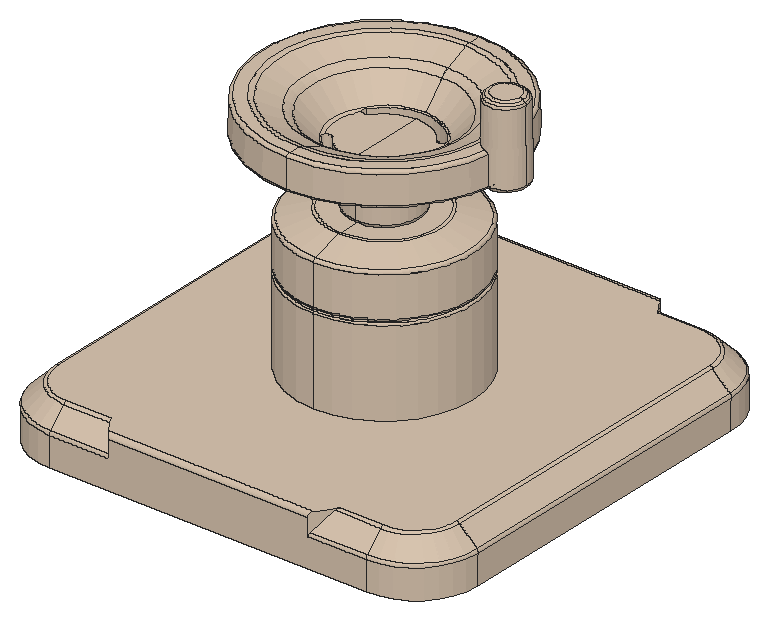
Revit family "Shower-Valve_Trim-KALLISTA-Vice-P34888", category Specialty Equipment, host Face, Revit 2021
Family settings
  Host = Face
  Round Connector Dimension = Use Diameter
  Part Type = Normal
  OmniClass Number = 23.31.25.00
  OmniClass Title = Toilet and Bath Specialties
  Cut with Voids When Loaded = No
  Shared = No
  Room Calculation Point = No
Parameters (values of type "AF-French Gold")
  Width = 5.31496"  # constant formula
  WaterSense Certified = 1 = 0  # no
  URL = "https://www.kallista.com/"
  Type = 1
  Product Page URL = ""
  Product Name = "Vice"  # constant formula
  Product Documentation Link = ""
  Model = if(Type = 1, "P34888-00-AF", if(Type = 2, "P34888-00-BGP", if(Type = 3, "P34888-00-CP", if(Type = 4, "P34888-00-SN", "NA"))))  # "P34888-00-AF"
  Material = "Premium Metal Construction"  # constant formula
  Master Format 2014 Name = "Toilet, Bath, and Laundry Accessories"  # constant formula
  Master Format 2014 = "10 28 00"  # constant formula
  Manufacturer Address = "444 Highland Dr, Kohler, WI 53044"  # constant formula
  Manufacturer = "Kallista Co."  # constant formula
  Length = 4.08661"  # constant formula
  Height = 5.31496"  # constant formula
  Handle Clearance = 3.20185"  # constant formula
  Finish = Kallista-Metal-AF-French_Gold
  Environmental Product Declaration = ""
  Drain Included = 1 = 0  # no
  Description = "Thermostatic Rim Wheel"  # constant formula
  Default Elevation = 42"
  Declare Label = ""
  Date Modified = "05/26/2024"  # constant formula
  Date Created = "05/26/2024"  # constant formula
  Copyright = "Copyright Kallista Co."  # constant formula
  Contact Us = "https://www.kallista.com/corporate/contact-us/"
  Assembly Code = "C1030200"
  ADA Compliant = 1 = 0  # no
Types (5): name | Type | Model | Finish | Assembly Code
  (no name) | 1 | "P34888-00-AF" | Kallista-Metal-AF-French_Gold | "C1030200"
  AF-French Gold | 1 | "P34888-00-AF" | Kallista-Metal-AF-French_Gold | "C1030200"
  BGP | 2 | "P34888-00-BGP" | Kallista-Metal-BGP | "D2010700"
  CP-Chrome | 3 | "P34888-00-CP" | Kallista-Metal-CP-Chrome | "D2010700"
  SN-Polished Nickel | 4 | "P34888-00-SN" | Kallista-Metal-SN-Polished_Nickel | "D2010700"
Reference planes (in)
  plane 1 "Center (Front/Back)": y = 0
  plane 2: z = 0
  plane 3 "Center (Left/Right)": x = 0
  plane 4: y = 2.6574803
  plane 5: y = -2.6574803
  plane 6: x = -2.6574803
  plane 7: x = 2.6574803
  plane 8: x = 1.0629921
  plane 9: x = -1.0629921
  plane 10: y = 1.0629921
  plane 11: y = -1.0629921
  plane 12: z = 4.0866142
  plane 13: z = 0.6102362
  plane 14: y = 1.475884
  plane 15: y = -1.4758876
  plane 16: x = 1.7259843
  plane 17: x = -1.4758661
Dimensions and locks (in)
  "Width": plane 6 to plane 7
  "Height": plane 4 to plane 5
  plane 9 to plane 8 = 2.12598"
  level to plane 13 = 0.61024"
  "Length": level to plane 12
  "Handle Clearance": plane 16 to plane 17
  aligned and locked: plane 2 to host face
  aligned and locked: level to host face
  aligned and locked: plane 1 "Center (Front/Back)" to nested 1
  aligned and locked: plane 3 "Center (Left/Right)" to nested 1
Automatic sketch dimensions
  host sketch curve to host sketch curve = 96"  (x2)
Nested families (in)
  nested 1: "P34888" at (0, 0, 0), type "P34888"
Definition of nested family "P34888"
  Parameters
    Material = none
    Default Elevation = 0"
  Reference planes (in)
    plane 1 "Center (Front/Back)": y = 0
    plane 2: z = 0
    plane 3 "Center (Left/Right)": x = 0
    plane 4: x = -2.6574803
    plane 5: x = 2.6574803
    plane 6: y = -2.6574803
    plane 7: y = 2.6574803
    plane 8: z = 0.6102362
    plane 9: y = -1.0629921
    plane 10: y = 1.0629921
    plane 11: z = 4.0866142
    plane 12: x = 1.0629921
    plane 13: x = -1.0629921
    plane 14: y = 1.475884
    plane 15: y = -1.475884
    plane 16: x = 1.7259848
    plane 17: x = -1.475868
  Forms (in)
    Sweep 1, solid, material <- "Material"
      path origin (0, 0, 0) x (1, 0, 0) y (0, 1, 0)
        loop
          line (1.9094488, 2.6574803) -> (-1.9094488, 2.6574803)
          arc (-1.9094488, 2.6574803) -> (-2.438387, 2.438387) -> (-2.6574803, 1.9094488) r 0.7480315
          line (-2.6574803, 1.9094488) -> (-2.6574803, -1.9094488)
          arc (-2.6574803, -1.9094488) -> (-2.438387, -2.438387) -> (-1.9094488, -2.6574803) r 0.7480315
          line (-1.9094488, -2.6574803) -> (1.9094488, -2.6574803)
          arc (1.9094488, -2.6574803) -> (2.438387, -2.438387) -> (2.6574803, -1.9094488) r 0.7480315
          line (2.6574803, -1.9094488) -> (2.6574803, 1.9094488)
          arc (2.6574803, 1.9094488) -> (2.438387, 2.438387) -> (1.9094488, 2.6574803) r 0.7480315
      profile origin (2.6574803, 0, 0) x (1, 0, 0) y (0, 0, 1)
        loop
          arc (0, 0.3517833) -> (-0.0043223, 0.3735131) -> (-0.0166313, 0.3919347) r 0.0567827
          line (-0.0166313, 0.3919347) -> (-0.2177223, 0.5930257)
          arc (-0.2177223, 0.5930257) -> (-0.2367855, 0.6057634) -> (-0.2592721, 0.6102362) r 0.0587602
          line (-0.2592721, 0.6102362) -> (-0.3461826, 0.6102362) -> (-0.3461826, 0) -> (0, 0) -> (0, 0.3517833)
    Extrusion 2, solid, material <- "Material"
      sketch origin (0, 0, 0) x (1, 0, 0) y (0, 1, 0)
        loop
          line (-2.3112977, 1.9094488) -> (-2.3112977, -1.9094488)
          arc (-2.3112977, -1.9094488) -> (-2.1935989, -2.1935989) -> (-1.9094488, -2.3112977) r 0.4018489
          line (-1.9094488, -2.3112977) -> (1.9094488, -2.3112977)
          arc (1.9094488, -2.3112977) -> (2.1935989, -2.1935989) -> (2.3112977, -1.9094488) r 0.4018489
          line (2.3112977, -1.9094488) -> (2.3112977, 1.9094488)
          arc (2.3112977, 1.9094488) -> (2.1935989, 2.1935989) -> (1.9094488, 2.3112977) r 0.4018489
          line (1.9094488, 2.3112977) -> (-1.9094488, 2.3112977)
          arc (-1.9094488, 2.3112977) -> (-2.1935989, 2.1935989) -> (-2.3112977, 1.9094488) r 0.4018489
      from 0 to 0.6102362
    Extrusion 3, solid, material <- "Material"
      sketch origin (0, 0, 0) x (0, 1, 0) y (0, 0, 1)
        loop
          arc (2.6574803, 0.5511811) -> (2.6401835, 0.5929394) -> (2.5984252, 0.6102362) r 0.0590551
          line (2.5984252, 0.6102362) -> (2.3245848, 0.6102362) -> (2.6574803, 0.2773407) -> (2.6574803, 0.5511811)
        loop
          line (-2.6574803, 0.5511811) -> (-2.6574803, 0.2773407) -> (-2.3245848, 0.6102362) -> (-2.5984252, 0.6102362)
          arc (-2.5984252, 0.6102362) -> (-2.6401835, 0.5929394) -> (-2.6574803, 0.5511811) r 0.0590551
      from -1.4734069 to 1.4731568
    Revolve 4, solid, material <- "Material", detail levels coarse
      sketch origin (0, 0, 0) x (0, 1, 0) y (0, 0, 1)
        loop
          line (1.0629921, 0.6102362) -> (1.0629921, 2.3359599) -> (0.4798596, 2.3359599) -> (0.4798596, 2.8596706) -> (0.6278741, 2.8596706) -> (1.1117797, 3.3477984)
          arc (1.1117797, 3.3477984) -> (1.1465652, 3.3712056) -> (1.1876784, 3.37943) r 0.1068739
          line (1.1876784, 3.37943) -> (1.2355474, 3.37943)
          arc (1.2355474, 3.37943) -> (1.2912251, 3.3563675) -> (1.3142875, 3.3006898) r 0.0787402
          line (1.3142875, 3.3006898) -> (1.3142875, 3.1725822)
          arc (1.3142875, 3.1725822) -> (1.322936, 3.1517031) -> (1.3438151, 3.1430547) r 0.0295276
          line (1.3438151, 3.1430547) -> (1.4751887, 3.1430547) -> (1.4751887, 3.5359157) -> (1.2885803, 3.5359157)
          arc (1.2885803, 3.5359157) -> (1.2578356, 3.5328199) -> (1.2283253, 3.5236567) r 0.1542109
          line (1.2283253, 3.5236567) -> (0.960066, 3.4097874)
          arc (0.960066, 3.4097874) -> (0.9100382, 3.3820565) -> (0.8668692, 3.3445303) r 0.2736072
          line (0.8668692, 3.3445303) -> (0.6017569, 3.0602322) -> (0, 3.0602322) -> (0, 0.6102362) -> (1.0629921, 0.6102362)
        axis (0, 3.5359157) -> (0, 0.6102362)
      angle from 0 to 360
    Revolve 5, solid, material <- "Material", detail levels medium+fine
      sketch origin (0, 0, 0) x (0, 1, 0) y (0, 0, 1)
        loop
          line (1.0629921, 0.6102362) -> (1.0629921, 1.6359895)
          arc (1.0629921, 1.6359895) -> (1.0572265, 1.6499089) -> (1.0433071, 1.6556745) r 0.019685
          line (1.0433071, 1.6556745) -> (0.7780673, 1.6556745)
          arc (0.7780673, 1.6556745) -> (0.7454984, 1.6635268) -> (0.7200862, 1.6853583) r 0.071469
          line (0.7200862, 1.6853583) -> (1.0433071, 1.6853583)
          arc (1.0433071, 1.6853583) -> (1.0572265, 1.6911239) -> (1.0629921, 1.7050433) r 0.019685
          line (1.0629921, 1.7050433) -> (1.0629921, 2.1887982)
          arc (1.0629921, 2.1887982) -> (1.0551981, 2.2123133) -> (1.0349019, 2.2265178) r 0.0393701
          line (1.0349019, 2.2265178) -> (0.6852022, 2.3310934)
          arc (0.6852022, 2.3310934) -> (0.6687497, 2.3347368) -> (0.651943, 2.3359599) r 0.1160851
          line (0.651943, 2.3359599) -> (0.3971451, 2.3359599)
          arc (0.3971451, 2.3359599) -> (0.4168335, 2.3454618) -> (0.4250518, 2.3657196) r 0.0303936
          line (0.4250518, 2.3657196) -> (0.4311055, 2.7112765)
          arc (0.4311055, 2.7112765) -> (0.4351506, 2.7392769) -> (0.4460474, 2.7653853) r 0.1126025
          arc (0.4460474, 2.7653853) -> (0.4529123, 2.7820383) -> (0.4552533, 2.7998979) r 0.069296
          line (0.4552533, 2.7998979) -> (0.4552533, 2.8596706) -> (0.6104282, 2.8596706)
          arc (0.6104282, 2.8596706) -> (0.6265316, 2.862892) -> (0.6401565, 2.8720602) r 0.0418608
          line (0.6401565, 2.8720602) -> (1.1117797, 3.3477984)
          arc (1.1117797, 3.3477984) -> (1.1465652, 3.3712056) -> (1.1876784, 3.37943) r 0.1068739
          line (1.1876784, 3.37943) -> (1.2355474, 3.37943)
          arc (1.2355474, 3.37943) -> (1.2912251, 3.3563675) -> (1.3142875, 3.3006898) r 0.0787402
          line (1.3142875, 3.3006898) -> (1.3142875, 3.1725822)
          arc (1.3142875, 3.1725822) -> (1.322936, 3.1517031) -> (1.3438151, 3.1430547) r 0.0295276
          line (1.3438151, 3.1430547) -> (1.4555061, 3.1430547)
          arc (1.4555061, 3.1430547) -> (1.4695352, 3.1489308) -> (1.4751887, 3.163051) r 0.019685
          line (1.4751887, 3.163051) -> (1.4699042, 3.4971682)
          arc (1.4699042, 3.4971682) -> (1.4581569, 3.5246037) -> (1.4305391, 3.5359157) r 0.0393701
          line (1.4305391, 3.5359157) -> (1.2885803, 3.5359157)
          arc (1.2885803, 3.5359157) -> (1.2578356, 3.5328199) -> (1.2283253, 3.5236567) r 0.1542109
          line (1.2283253, 3.5236567) -> (0.960066, 3.4097874)
          arc (0.960066, 3.4097874) -> (0.9100382, 3.3820565) -> (0.8668692, 3.3445303) r 0.2736072
          line (0.8668692, 3.3445303) -> (0.6186028, 3.0782971)
          arc (0.6186028, 3.0782971) -> (0.5997083, 3.0649438) -> (0.5770563, 3.0602322) r 0.0568077
          line (0.5770563, 3.0602322) -> (0, 3.0602322) -> (0, 0.6102362) -> (1.0629921, 0.6102362)
        axis (0, 3.5359157) -> (0, 0.6102362)
      angle from 0 to 360
    Extrusion 6, void
      sketch origin (0, 0, 0) x (1, 0, 0) y (0, 1, 0)
        loop
          arc (0.4953024, -0.3400912) -> (0.4804982, -0.2627709) -> (0.4030379, -0.2768244) r 0.0559388
          arc (0.4030379, -0.2768244) -> (-0.0004237, -0.4873497) -> (-0.4046585, -0.2783126) r 0.4936139
          arc (-0.4046585, -0.2783126) -> (-0.4801449, -0.2648354) -> (-0.4944872, -0.3401623) r 0.0545347
          arc (-0.4944872, -0.3401623) -> (0.0004266, -0.6038926) -> (0.4953024, -0.3400912) r 0.59616
        loop
          arc (0.4953024, 0.3384425) -> (0.0004266, 0.6022439) -> (-0.4944872, 0.3385136) r 0.59616
          arc (-0.4944872, 0.3385136) -> (-0.4801449, 0.2631867) -> (-0.4046585, 0.2766639) r 0.0545347
          arc (-0.4046585, 0.2766639) -> (-0.0004237, 0.485701) -> (0.4030379, 0.2751757) r 0.4936139
          arc (0.4030379, 0.2751757) -> (0.4804982, 0.2611222) -> (0.4953024, 0.3384425) r 0.0559388
      from 2.7843071 to 4.5713426
    Extrusion 7, solid, material <- "Material", detail levels coarse
      sketch origin (0.0006104, -0.0009817, 0) x (1, 0, 0) y (0, 1, 0)
        loop
          circle (1.4728493, -0.0020668) r 0.253022
      from 3.1430547 to 4.0866142
    Sweep 8, solid, material <- "Material", detail levels medium+fine
      path origin (-0.0001498, 0.0005636, 0) x (1, 0, 0) y (0, 1, 0)
        loop
          circle (1.4728493, -0.0020668) r 0.253022
      profile origin (1.7257216, -0.0015032, 0) x (1, 0, 0) y (0, 0, 1)
        loop
          line (0.0000025, 3.1630833) -> (-0.0149886, 4.0219257)
          arc (-0.0149886, 4.0219257) -> (-0.018295, 4.0370451) -> (-0.0271736, 4.0497219) r 0.0393701
          line (-0.0271736, 4.0497219) -> (-0.0505771, 4.0720538)
          arc (-0.0505771, 4.0720538) -> (-0.0673484, 4.0828387) -> (-0.0869275, 4.0866142) r 0.052655
          line (-0.0869275, 4.0866142) -> (-0.1266959, 4.0866142) -> (-0.1266959, 3.1430547) -> (-0.0196795, 3.1430547)
          arc (-0.0196795, 3.1430547) -> (-0.0056391, 3.1489423) -> (0.0000025, 3.1630833) r 0.019685
    Extrusion 9, solid, material <- "Material", detail levels medium+fine
      sketch origin (-0.0001498, 0.0005636, 0) x (1, 0, 0) y (0, 1, 0)
        loop
          circle (1.4728493, -0.0020668) r 0.1263261
      from 3.1430547 to 4.0866142
    Extrusion 10, void
      sketch origin (0, 0, 0) x (1, 0, 0) y (0, 1, 0)
        loop
          line (-1.7026698, -1.9363436) -> (-1.7026698, -2.8543419) -> (-1.0598804, -2.8543419) -> (-1.7026698, -1.9363436)
        loop
          line (1.7026698, -1.9363436) -> (1.0598804, -2.8543419) -> (1.7026698, -2.8543419) -> (1.7026698, -1.9363436)
        loop
          line (-1.7026698, 1.9363436) -> (-1.0598804, 2.8543419) -> (-1.7026698, 2.8543419) -> (-1.7026698, 1.9363436)
        loop
          line (1.7026698, 1.9363436) -> (1.7026698, 2.8543419) -> (1.0598804, 2.8543419) -> (1.7026698, 1.9363436)
      from -0.2608557 to 1.6853583
  Cuts and joins
    Extrusion 10 cuts Extrusion 3
    joined: Sweep 1, Extrusion 2, Extrusion 3
    Extrusion 6 cuts Revolve 5
    joined: Sweep 8, Extrusion 9
  Lines and regions (in)
    Masking region 1
      outline origin (0, 0, 0) x (0, 1, 0) y (0, 0, 1)
        loop
          line (2.6574803, 0) -> (2.6574803, 0.5511811)
          arc (2.6574803, 0.5511811) -> (2.6401835, 0.5929394) -> (2.5984252, 0.6102362) r 0.0590551
          line (2.5984252, 0.6102362) -> (1.0629921, 0.6102362) -> (1.0629921, 1.6359895)
          arc (1.0629921, 1.6359895) -> (1.0572265, 1.6499089) -> (1.0433071, 1.6556745) r 0.019685
          line (1.0433071, 1.6556745) -> (0.7780673, 1.6556745)
          arc (0.7780673, 1.6556745) -> (0.7454984, 1.6635268) -> (0.7200862, 1.6853583) r 0.071469
          line (0.7200862, 1.6853583) -> (1.0433071, 1.6853583)
          arc (1.0433071, 1.6853583) -> (1.0572265, 1.6911239) -> (1.0629921, 1.7050433) r 0.019685
          line (1.0629921, 1.7050433) -> (1.0629921, 2.1887982)
          arc (1.0629921, 2.1887982) -> (1.0551981, 2.2123133) -> (1.0349019, 2.2265178) r 0.0393701
          line (1.0349019, 2.2265178) -> (0.6852022, 2.3310934)
          arc (0.6852022, 2.3310934) -> (0.6687497, 2.3347368) -> (0.651943, 2.3359599) r 0.1160851
          line (0.651943, 2.3359599) -> (0.4324844, 2.3359599)
          arc (0.4324844, 2.3359599) -> (0.4511763, 2.34586) -> (0.4588826, 2.365558) r 0.0303936
          line (0.4588826, 2.365558) -> (0.4649391, 2.7112765)
          arc (0.4649391, 2.7112765) -> (0.4689843, 2.7392769) -> (0.479881, 2.7653853) r 0.1126025
          arc (0.479881, 2.7653853) -> (0.4867459, 2.7820383) -> (0.489087, 2.7998979) r 0.069296
          line (0.489087, 2.7998979) -> (0.489087, 2.8596706) -> (0.6104282, 2.8596706)
          arc (0.6104282, 2.8596706) -> (0.6265316, 2.862892) -> (0.6401565, 2.8720602) r 0.0418608
          line (0.6401565, 2.8720602) -> (0.9088069, 3.1430547) -> (1.456202, 3.1430547)
          arc (1.456202, 3.1430547) -> (1.4702424, 3.1489423) -> (1.475884, 3.1630833) r 0.019685
          line (1.475884, 3.1630833) -> (1.4700354, 3.4981521)
          arc (1.4700354, 3.4981521) -> (1.4582662, 3.5255457) -> (1.4306713, 3.5368351) r 0.0393701
          line (1.4306713, 3.5368351) -> (0.2878907, 3.5368351)
          arc (0.2878907, 3.5368351) -> (0.2616274, 3.5439362) -> (0.2425211, 3.5633047) r 0.0521171
          line (0.2425211, 3.5633047) -> (0.2345492, 4.0200135)
          arc (0.2345492, 4.0200135) -> (0.2309147, 4.0367455) -> (0.2211512, 4.0508113) r 0.0438627
          line (0.2211512, 4.0508113) -> (0.1962985, 4.0747937)
          arc (0.1962985, 4.0747937) -> (0.1828107, 4.0835475) -> (0.1670264, 4.0866142) r 0.0421549
          line (0.1670264, 4.0866142) -> (0, 4.0866142) -> (-0.1670264, 4.0866142)
          arc (-0.1670264, 4.0866142) -> (-0.1828107, 4.0835475) -> (-0.1962985, 4.0747937) r 0.0421549
          line (-0.1962985, 4.0747937) -> (-0.2211512, 4.0508113)
          arc (-0.2211512, 4.0508113) -> (-0.2309147, 4.0367455) -> (-0.2345492, 4.0200135) r 0.0438627
          line (-0.2345492, 4.0200135) -> (-0.2425211, 3.5633047)
          arc (-0.2425211, 3.5633047) -> (-0.2616274, 3.5439362) -> (-0.2878907, 3.5368351) r 0.0521171
          line (-0.2878907, 3.5368351) -> (-1.4306713, 3.5368351)
          arc (-1.4306713, 3.5368351) -> (-1.4582662, 3.5255457) -> (-1.4700354, 3.4981521) r 0.0393701
          line (-1.4700354, 3.4981521) -> (-1.475884, 3.1630833)
          arc (-1.475884, 3.1630833) -> (-1.4702424, 3.1489423) -> (-1.456202, 3.1430547) r 0.019685
          line (-1.456202, 3.1430547) -> (-0.9088069, 3.1430547) -> (-0.6401565, 2.8720602)
          arc (-0.6401565, 2.8720602) -> (-0.6265316, 2.862892) -> (-0.6104282, 2.8596706) r 0.0418608
          line (-0.6104282, 2.8596706) -> (-0.489087, 2.8596706) -> (-0.489087, 2.7998979)
          arc (-0.489087, 2.7998979) -> (-0.4867459, 2.7820383) -> (-0.479881, 2.7653853) r 0.069296
          arc (-0.479881, 2.7653853) -> (-0.4689843, 2.7392769) -> (-0.4649391, 2.7112765) r 0.1126025
          line (-0.4649391, 2.7112765) -> (-0.4588826, 2.365558)
          arc (-0.4588826, 2.365558) -> (-0.4511763, 2.34586) -> (-0.4324844, 2.3359599) r 0.0303936
          line (-0.4324844, 2.3359599) -> (-0.651943, 2.3359599)
          arc (-0.651943, 2.3359599) -> (-0.6687497, 2.3347368) -> (-0.6852022, 2.3310934) r 0.1160851
          line (-0.6852022, 2.3310934) -> (-1.0349019, 2.2265178)
          arc (-1.0349019, 2.2265178) -> (-1.0551981, 2.2123133) -> (-1.0629921, 2.1887982) r 0.0393701
          line (-1.0629921, 2.1887982) -> (-1.0629921, 1.7050433)
          arc (-1.0629921, 1.7050433) -> (-1.0572265, 1.6911239) -> (-1.0433071, 1.6853583) r 0.019685
          line (-1.0433071, 1.6853583) -> (-0.7200862, 1.6853583)
          arc (-0.7200862, 1.6853583) -> (-0.7454984, 1.6635268) -> (-0.7780673, 1.6556745) r 0.071469
          line (-0.7780673, 1.6556745) -> (-1.0433071, 1.6556745)
          arc (-1.0433071, 1.6556745) -> (-1.0572265, 1.6499089) -> (-1.0629921, 1.6359895) r 0.019685
          line (-1.0629921, 1.6359895) -> (-1.0629921, 0.6102362) -> (-2.5984252, 0.6102362)
          arc (-2.5984252, 0.6102362) -> (-2.6401835, 0.5929394) -> (-2.6574803, 0.5511811) r 0.0590551
          line (-2.6574803, 0.5511811) -> (-2.6574803, 0) -> (0, 0) -> (2.6574803, 0)
    Masking region 2
      outline origin (0, 0, 0) x (1, 0, 0) y (0, 1, 0)
        loop
          line (0, 2.6574803) -> (-1.9094488, 2.6574803)
          arc (-1.9094488, 2.6574803) -> (-2.438387, 2.438387) -> (-2.6574803, 1.9094488) r 0.7480315
          line (-2.6574803, 1.9094488) -> (-2.6574803, 0) -> (-2.6574803, -1.9094488)
          arc (-2.6574803, -1.9094488) -> (-2.438387, -2.438387) -> (-1.9094488, -2.6574803) r 0.7480315
          line (-1.9094488, -2.6574803) -> (0, -2.6574803) -> (1.9094488, -2.6574803)
          arc (1.9094488, -2.6574803) -> (2.438387, -2.438387) -> (2.6574803, -1.9094488) r 0.7480315
          line (2.6574803, -1.9094488) -> (2.6574803, 0) -> (2.6574803, 1.9094488)
          arc (2.6574803, 1.9094488) -> (2.438387, 2.438387) -> (1.9094488, 2.6574803) r 0.7480315
          line (1.9094488, 2.6574803) -> (0, 2.6574803)
    Masking region 3
      outline origin (0, 0, 0) x (1, 0, 0) y (0, 0, 1)
        loop
          line (2.6574803, 0) -> (2.6574803, 0.3517833)
          arc (2.6574803, 0.3517833) -> (2.653158, 0.3735131) -> (2.6408491, 0.3919347) r 0.0567827
          line (2.6408491, 0.3919347) -> (2.439758, 0.5930257)
          arc (2.439758, 0.5930257) -> (2.4206948, 0.6057634) -> (2.3982083, 0.6102362) r 0.0587602
          line (2.3982083, 0.6102362) -> (1.0629921, 0.6102362) -> (1.0629921, 1.6355715)
          arc (1.0629921, 1.6355715) -> (1.0572265, 1.6494909) -> (1.0433071, 1.6552566) r 0.019685
          line (1.0433071, 1.6552566) -> (0.7753536, 1.6552566)
          arc (0.7753536, 1.6552566) -> (0.7438297, 1.6632899) -> (0.7199951, 1.6854305) r 0.0658685
          line (0.7199951, 1.6854305) -> (1.0433071, 1.6854305)
          arc (1.0433071, 1.6854305) -> (1.0572265, 1.6911961) -> (1.0629921, 1.7051156) r 0.019685
          line (1.0629921, 1.7051156) -> (1.0629921, 2.1952091)
          arc (1.0629921, 2.1952091) -> (1.057149, 2.2128422) -> (1.041932, 2.2234965) r 0.0295276
          line (1.041932, 2.2234965) -> (0.6823419, 2.331135)
          arc (0.6823419, 2.331135) -> (0.6661527, 2.3347236) -> (0.6496142, 2.3359283) r 0.1141273
          line (0.6496142, 2.3359283) -> (0.4284356, 2.3359283)
          arc (0.4284356, 2.3359283) -> (0.4497602, 2.3444036) -> (0.4588888, 2.3654568) r 0.0300557
          line (0.4588888, 2.3654568) -> (0.4649093, 2.7103667)
          arc (0.4649093, 2.7103667) -> (0.4943324, 2.7868572) -> (0.5660943, 2.8264393) r 0.11958
          arc (0.5660943, 2.8264393) -> (0.597396, 2.8365374) -> (0.6240182, 2.8558512) r 0.1046635
          line (0.6240182, 2.8558512) -> (0.9113748, 3.1432079) -> (1.7063108, 3.1432079)
          arc (1.7063108, 3.1432079) -> (1.7203454, 3.1490931) -> (1.7259848, 3.1632284) r 0.0196771
          line (1.7259848, 3.1632284) -> (1.7110007, 4.0216676)
          arc (1.7110007, 4.0216676) -> (1.7076646, 4.0369231) -> (1.6987062, 4.0497139) r 0.0397242
          line (1.6987062, 4.0497139) -> (1.6732659, 4.0739893)
          arc (1.6732659, 4.0739893) -> (1.658724, 4.0833406) -> (1.6417476, 4.0866142) r 0.0456556
          line (1.6417476, 4.0866142) -> (1.476144, 4.0866142) -> (1.3105404, 4.0866142)
          arc (1.3105404, 4.0866142) -> (1.293564, 4.0833406) -> (1.2790221, 4.0739893) r 0.0456556
          line (1.2790221, 4.0739893) -> (1.2535818, 4.0497139)
          arc (1.2535818, 4.0497139) -> (1.2446233, 4.0369231) -> (1.2412872, 4.0216676) r 0.0397242
          line (1.2412872, 4.0216676) -> (1.2328229, 3.5367484) -> (-1.4306593, 3.5367484)
          arc (-1.4306593, 3.5367484) -> (-1.4582542, 3.525459) -> (-1.4700234, 3.4980654) r 0.0393701
          line (-1.4700234, 3.4980654) -> (-1.475868, 3.1632284)
          arc (-1.475868, 3.1632284) -> (-1.4702286, 3.1490931) -> (-1.456194, 3.1432079) r 0.0196771
          line (-1.456194, 3.1432079) -> (-0.9113748, 3.1432079) -> (-0.6240182, 2.8558512)
          arc (-0.6240182, 2.8558512) -> (-0.597396, 2.8365374) -> (-0.5660943, 2.8264393) r 0.1046635
          arc (-0.5660943, 2.8264393) -> (-0.4943324, 2.7868572) -> (-0.4649093, 2.7103667) r 0.11958
          line (-0.4649093, 2.7103667) -> (-0.4588888, 2.3654568)
          arc (-0.4588888, 2.3654568) -> (-0.4497602, 2.3444036) -> (-0.4284356, 2.3359283) r 0.0300557
          line (-0.4284356, 2.3359283) -> (-0.6496142, 2.3359283)
          arc (-0.6496142, 2.3359283) -> (-0.6661527, 2.3347236) -> (-0.6823419, 2.331135) r 0.1141273
          line (-0.6823419, 2.331135) -> (-1.041932, 2.2234965)
          arc (-1.041932, 2.2234965) -> (-1.057149, 2.2128422) -> (-1.0629921, 2.1952091) r 0.0295276
          line (-1.0629921, 2.1952091) -> (-1.0629921, 1.7051156)
          arc (-1.0629921, 1.7051156) -> (-1.0572265, 1.6911961) -> (-1.0433071, 1.6854305) r 0.019685
          line (-1.0433071, 1.6854305) -> (-0.7199951, 1.6854305)
          arc (-0.7199951, 1.6854305) -> (-0.7438297, 1.6632899) -> (-0.7753536, 1.6552566) r 0.0658685
          line (-0.7753536, 1.6552566) -> (-1.0433071, 1.6552566)
          arc (-1.0433071, 1.6552566) -> (-1.0572265, 1.6494909) -> (-1.0629921, 1.6355715) r 0.019685
          line (-1.0629921, 1.6355715) -> (-1.0629921, 0.6102362) -> (-2.397161, 0.6102362)
          arc (-2.397161, 0.6102362) -> (-2.4206151, 0.6055709) -> (-2.4404985, 0.5922853) r 0.0612884
          line (-2.4404985, 0.5922853) -> (-2.6407136, 0.3920702)
          arc (-2.6407136, 0.3920702) -> (-2.6531228, 0.3734985) -> (-2.6574803, 0.3515917) r 0.0572453
          line (-2.6574803, 0.3515917) -> (-2.6574803, 0) -> (2.6574803, 0)
    symbolic lines, detail levels medium+fine
      curve 1: line (0, 2.6574803, 0.3532252) -> (0, 0, 0.3532252)
      curve 2: line (0, 2.6574803, 0.388069) -> (0, 0.0123602, 0.388069)
      curve 3: line (0, 2.6574803, 0.388069) -> (0, 2.4353131, 0.6102362)
      curve 4: line (0, 1.0629921, 0.6102362) -> (0, 0, 0.6102362)
      curve 5: line (0, 1.0629921, 1.6359895) -> (0, 0, 1.6359895)
      curve 6: line (0, 0.7780673, 1.6556745) -> (0, 0, 1.6556745)
      curve 7: line (0, 0.7200862, 1.6853583) -> (0, 0, 1.6853583)
      curve 8: line (0, 1.0629921, 1.7050433) -> (0, 0, 1.7050433)
      curve 9: line (0, 1.0629921, 2.1887982) -> (0, 0, 2.1887982)
      curve 10: line (0, 1.0349019, 2.2265178) -> (0, 0, 2.2265178)
      curve 11: line (0, 0.6852022, 2.3310934) -> (0, 0, 2.3310934)
      curve 12: line (0, 0.4324844, 2.3359599) -> (0, 0, 2.3359599)
      curve 13: line (0, 0.4588826, 2.365558) -> (0, 0, 2.365558)
      curve 14: line (0, 0.4649391, 2.7112765) -> (0, 0, 2.7112765)
      curve 15: line (0, 0.489087, 2.8596706) -> (0, 0.3578185, 2.8596706)
      curve 16: arc (0, 0.3264747, 2.8521904) -> (0, 0.294502, 2.8378221) -> (0, 0.2613401, 2.8264643) r 0.3796008
      curve 17: arc (0, 0.3578185, 2.8596706) -> (0, 0.3417065, 2.8577747) -> (0, 0.3264747, 2.8521904) r 0.0694091
      curve 18: line (0, 0.489087, 2.7998979) -> (0, 0.2890816, 2.7998979)
      curve 19: arc (0, 0.2890816, 2.7998979) -> (0, 0.2698764, 2.8076107) -> (0, 0.2613401, 2.8264643) r 0.0277675
      curve 20: line (0, 0.479881, 2.7653853) -> (0, 0.2996126, 2.7653853)
      curve 21: arc (0, 0.2996126, 2.7653853) -> (0, 0.263573, 2.785333) -> (0, 0.2613401, 2.8264643) r 0.0425304
      curve 22: line (0, 0, 2.8248058) -> (0, 0.1760029, 2.8248058)
      curve 23: arc (0, 0.1760029, 2.8248058) -> (0, 0.2186796, 2.8252205) -> (0, 0.2613401, 2.8264643) r 2.1962914
      curve 24: line (0, 0.9088069, 3.1430547) -> (0, 0, 3.1430547)
      curve 25: line (0, 1.475884, 3.1630833) -> (0, 0, 3.1630833)
      curve 26: line (0, 1.4700354, 3.4981521) -> (0, 0, 3.4981521)
      curve 27: line (0, 0.2878907, 3.5368351) -> (0, 0, 3.5368351)
      curve 28: line (0, 0.2421342, 3.5854692) -> (0, 0.1825343, 3.5854692)
      curve 29: arc (0, 0.1825343, 3.5854692) -> (0, 0.0922883, 3.5624755) -> (0, 0, 3.5499882) r 0.8103389
      curve 30: line (0, 0.1962985, 4.0747937) -> (0, 0, 4.0747937)
      curve 31: line (0, 0.2211512, 4.0508113) -> (0, 0, 4.0508113)
      curve 32: line (0, 0.2345492, 4.0200135) -> (0, 0, 4.0200135)
      curve 33: line (0, -2.6574803, 0.3532252) -> (0, 0, 0.3532252)
      curve 34: line (0, -2.6574803, 0.388069) -> (0, -0.0123602, 0.388069)
      curve 35: line (0, -2.6574803, 0.388069) -> (0, -2.4353131, 0.6102362)
      curve 36: line (0, -1.0629921, 0.6102362) -> (0, 0, 0.6102362)
      curve 37: line (0, -1.0629921, 1.6359895) -> (0, 0, 1.6359895)
      curve 38: line (0, -0.7780673, 1.6556745) -> (0, 0, 1.6556745)
      curve 39: line (0, -0.7200862, 1.6853583) -> (0, 0, 1.6853583)
      curve 40: line (0, -1.0629921, 1.7050433) -> (0, 0, 1.7050433)
      curve 41: line (0, -1.0629921, 2.1887982) -> (0, 0, 2.1887982)
      curve 42: line (0, -1.0349019, 2.2265178) -> (0, 0, 2.2265178)
      curve 43: line (0, -0.6852022, 2.3310934) -> (0, 0, 2.3310934)
      curve 44: line (0, -0.4324844, 2.3359599) -> (0, 0, 2.3359599)
      curve 45: line (0, -0.4588826, 2.365558) -> (0, 0, 2.365558)
      curve 46: line (0, -0.4649391, 2.7112765) -> (0, 0, 2.7112765)
      curve 47: line (0, -0.489087, 2.8596706) -> (0, -0.3578185, 2.8596706)
      curve 48: arc (0, -0.3264747, 2.8521904) -> (0, -0.294502, 2.8378221) -> (0, -0.2613401, 2.8264643) r 0.3796008
      curve 49: arc (0, -0.3578185, 2.8596706) -> (0, -0.3417065, 2.8577747) -> (0, -0.3264747, 2.8521904) r 0.0694091
      curve 50: line (0, -0.489087, 2.7998979) -> (0, -0.2890816, 2.7998979)
      curve 51: arc (0, -0.2890816, 2.7998979) -> (0, -0.2698764, 2.8076107) -> (0, -0.2613401, 2.8264643) r 0.0277675
      curve 52: line (0, -0.479881, 2.7653853) -> (0, -0.2996126, 2.7653853)
      curve 53: arc (0, -0.2996126, 2.7653853) -> (0, -0.263573, 2.785333) -> (0, -0.2613401, 2.8264643) r 0.0425304
      curve 54: line (0, 0, 2.8248058) -> (0, -0.1760029, 2.8248058)
      curve 55: arc (0, -0.1760029, 2.8248058) -> (0, -0.2186796, 2.8252205) -> (0, -0.2613401, 2.8264643) r 2.1962914
      curve 56: line (0, -0.9088069, 3.1430547) -> (0, 0, 3.1430547)
      curve 57: line (0, -1.475884, 3.1630833) -> (0, 0, 3.1630833)
      curve 58: line (0, -1.4700354, 3.4981521) -> (0, 0, 3.4981521)
      curve 59: line (0, -0.2878907, 3.5368351) -> (0, 0, 3.5368351)
      curve 60: line (0, -0.2421342, 3.5854692) -> (0, -0.1825343, 3.5854692)
      curve 61: arc (0, -0.1825343, 3.5854692) -> (0, -0.0922883, 3.5624755) -> (0, 0, 3.5499882) r 0.8103389
      curve 62: line (0, -0.1962985, 4.0747937) -> (0, 0, 4.0747937)
      curve 63: line (0, -0.2211512, 4.0508113) -> (0, 0, 4.0508113)
      curve 64: line (0, -0.2345492, 4.0200135) -> (0, 0, 4.0200135)
      curve 65: line (-1.5618482, 2.4026205, 0) -> (-1.8885994, 2.4026205, 0)
      curve 66: line (-2.4004104, 1.8908095, 0) -> (-2.4004104, 0, 0)
      curve 67: arc (-1.8885994, 2.4026205, 0) -> (-2.2505044, 2.2527146, 0) -> (-2.4004104, 1.8908095, 0) r 0.511811
      curve 68: line (-1.4227688, 2.4750207, 0) -> (-1.2950092, 2.6574803, 0)
      curve 69: arc (-1.4227688, 2.4750207, 0) -> (-1.4834504, 2.4218044, 0) -> (-1.5618482, 2.4026205, 0) r 0.1697846
      curve 70: line (-2.4004104, 1.8908095, 0) -> (-2.6574803, 1.8908095, 0)
      curve 71: line (-1.8885994, 2.4026205, 0) -> (-1.8885994, 2.6574803, 0)
      curve 72: line (-1.5618482, 2.4026205, 0) -> (-1.5618482, 2.6574803, 0)
      curve 73: line (-1.5618482, -2.4026205, 0) -> (-1.8885994, -2.4026205, 0)
      curve 74: line (-2.4004104, -1.8908095, 0) -> (-2.4004104, 0, 0)
      curve 75: arc (-1.8885994, -2.4026205, 0) -> (-2.2505044, -2.2527146, 0) -> (-2.4004104, -1.8908095, 0) r 0.511811
      curve 76: line (-1.4227688, -2.4750207, 0) -> (-1.2950092, -2.6574803, 0)
      curve 77: arc (-1.4227688, -2.4750207, 0) -> (-1.4834504, -2.4218044, 0) -> (-1.5618482, -2.4026205, 0) r 0.1697846
      curve 78: line (-2.4004104, -1.8908095, 0) -> (-2.6574803, -1.8908095, 0)
      curve 79: line (-1.8885994, -2.4026205, 0) -> (-1.8885994, -2.6574803, 0)
      curve 80: line (-1.5618482, -2.4026205, 0) -> (-1.5618482, -2.6574803, 0)
      curve 81: line (1.5618482, 2.4026205, 0) -> (1.8885994, 2.4026205, 0)
      curve 82: line (2.4004104, 1.8908095, 0) -> (2.4004104, 0, 0)
      curve 83: arc (1.8885994, 2.4026205, 0) -> (2.2505044, 2.2527146, 0) -> (2.4004104, 1.8908095, 0) r 0.511811
      curve 84: line (1.4227688, 2.4750207, 0) -> (1.2950092, 2.6574803, 0)
      curve 85: arc (1.4227688, 2.4750207, 0) -> (1.4834504, 2.4218044, 0) -> (1.5618482, 2.4026205, 0) r 0.1697846
      curve 86: line (2.4004104, 1.8908095, 0) -> (2.6574803, 1.8908095, 0)
      curve 87: line (1.8885994, 2.4026205, 0) -> (1.8885994, 2.6574803, 0)
      curve 88: line (1.5618482, 2.4026205, 0) -> (1.5618482, 2.6574803, 0)
      curve 89: line (1.5618482, -2.4026205, 0) -> (1.8885994, -2.4026205, 0)
      curve 90: line (2.4004104, -1.8908095, 0) -> (2.4004104, 0, 0)
      curve 91: arc (1.8885994, -2.4026205, 0) -> (2.2505044, -2.2527146, 0) -> (2.4004104, -1.8908095, 0) r 0.511811
      curve 92: line (1.4227688, -2.4750207, 0) -> (1.2950092, -2.6574803, 0)
      curve 93: arc (1.4227688, -2.4750207, 0) -> (1.4834504, -2.4218044, 0) -> (1.5618482, -2.4026205, 0) r 0.1697846
      curve 94: line (2.4004104, -1.8908095, 0) -> (2.6574803, -1.8908095, 0)
      curve 95: line (1.8885994, -2.4026205, 0) -> (1.8885994, -2.6574803, 0)
      curve 96: line (1.5618482, -2.4026205, 0) -> (1.5618482, -2.6574803, 0)
      curve 97: line (-1.3352241, 2.6000475, 0) -> (1.3352241, 2.6000475, 0)
      curve 98: line (-1.3352241, -2.6000475, 0) -> (1.3352241, -2.6000475, 0)
      curve 99: arc (1.4448433, 0.2922472, 0) -> (-1.4810873, -0.0031876, 0) -> (1.445615, -0.2908773, 0) r 1.4776844
      curve 100: arc (1.4923913, 0.2501994, 0) -> (1.6578401, 0.1705558, 0) -> (1.7258629, 0, 0) r 0.253022
      curve 101: arc (1.4923913, 0.2501994, 0) -> (1.4615711, 0.2632554, 0) -> (1.4448433, 0.2922472, 0) r 0.0526646
      curve 102: arc (1.4915716, -0.2502616, 0) -> (1.6575594, -0.1708561, 0) -> (1.7258629, 0, 0) r 0.253022
      curve 103: arc (1.445615, -0.2908773, 0) -> (1.4617537, -0.2628305, 0) -> (1.4915716, -0.2502616, 0) r 0.0506907
      curve 104: arc (1.3992512, 0.2841546, 0) -> (-1.4338709, -0.0009089, 0) -> (1.3992512, -0.2859724, 0) r 1.4309023
      curve 105: arc (1.3992512, 0.2841546, 0) -> (1.3340391, 0.2507292, 0) -> (1.278729, 0.2026597, 0) r 0.3037661
      curve 106: arc (1.4155973, 0.2205849, 0) -> (1.3763506, 0.2065946, 0) -> (1.3402735, 0.1857503, 0) r 0.2298948
      curve 107: arc (1.4274133, -0.1757328, 0) -> (1.5474733, 0.1697225, 0) -> (1.3711533, -0.1506914, 0) r 0.1835134
      curve 108: circle (1.4728493, -0.0020668, 0) r 0.175364 normal (0, 0, 1)
      curve 109: line (1.3992512, 0.2841546, 0) -> (1.4155973, 0.2205849, 0)
      curve 110: arc (1.3402735, 0.1857503, 0) -> (1.5693481, -0.2107283, 0) -> (1.4155973, 0.2205849, 0) r 0.2298948
      curve 111: line (1.3992512, -0.2859724, 0) -> (1.4149425, -0.2245492, 0)
      curve 112: arc (1.3711533, -0.1506914, 0) -> (1.3982254, -0.1655888, 0) -> (1.4274133, -0.1757328, 0) r 0.1835134
      curve 113: arc (1.2760875, 0.1996953, 0) -> (-1.2976602, -0.0009089, 0) -> (1.2760875, -0.2015131, 0) r 1.2946916
      curve 114: circle (-0.0029685, -0.0009089, 0) r 0.984252 normal (0, 0, 1)
      curve 115: circle (-0.0029685, -0.0009089, 0) r 0.9153865 normal (0, 0, 1)
      curve 116: arc (-0.4168981, 0.2723042, 0) -> (-0.0140246, 0.4778267, 0) -> (0.3863864, 0.2675468, 0) r 0.4919235
      curve 117: arc (-0.4902007, 0.3223568, 0) -> (-0.0064322, 0.5890195, 0) -> (0.4843848, 0.3355641, 0) r 0.5866224
      curve 118: arc (0.4843848, 0.3355641, 0) -> (0.4692977, 0.2526953, 0) -> (0.3863864, 0.2675468, 0) r 0.0596451
      curve 119: arc (-0.4168981, 0.2723042, 0) -> (-0.4780234, 0.2614881, 0) -> (-0.4902007, 0.3223568, 0) r 0.0443916
      curve 120: arc (-0.4168981, -0.2723042, 0) -> (-0.0140246, -0.4778267, 0) -> (0.3863864, -0.2675468, 0) r 0.4919235
      curve 121: arc (-0.4902007, -0.3223568, 0) -> (-0.0064322, -0.5890195, 0) -> (0.4843848, -0.3355641, 0) r 0.5866224
      curve 122: arc (0.4843848, -0.3355641, 0) -> (0.4692977, -0.2526953, 0) -> (0.3863864, -0.2675468, 0) r 0.0596451
      curve 123: arc (-0.4168981, -0.2723042, 0) -> (-0.4780234, -0.2614881, 0) -> (-0.4902007, -0.3223568, 0) r 0.0443916
      curve 124: arc (-0.2651686, -0.2445865, 0) -> (-0.1346637, 0.336319, 0) -> (0.3614132, 0.007092, 0) r 0.3614191
      curve 125: arc (-0.1568333, -0.138413, 0) -> (-0.0738522, 0.189313, 0) -> (0.2104395, 0.0063693, 0) r 0.2082105
      curve 126: line (-0.2349857, -0.2451679, 0) -> (-0.1581207, -0.1683029, 0)
      curve 127: arc (-0.1581207, -0.1683029, 0) -> (-0.1516602, -0.1536085, 0) -> (-0.1568333, -0.138413, 0) r 0.0221276
      curve 128: arc (-0.2349857, -0.2451679, 0) -> (-0.2502009, -0.2512992, 0) -> (-0.2651686, -0.2445865, 0) r 0.0209469
      curve 129: line (0.2104395, 0.0063693, 0) -> (0.1294195, 0.0063693, 0)
      curve 130: line (0.2856763, -0.1671714, 0) -> (0.1294195, 0.0063693, 0)
      curve 131: line (0.2856763, -0.1671714, 0) -> (0.4371612, 0.007092, 0)
      curve 132: line (0.3614132, 0.007092, 0) -> (0.4371612, 0.007092, 0)
      curve 133: arc (1.278729, 0.2026597, 0) -> (1.2004326, 0.0010764, 0) -> (1.2760875, -0.2015131, 0) r 0.3037661
      curve 134: arc (1.2760875, -0.2015131, 0) -> (1.3323981, -0.2514296, 0) -> (1.3992512, -0.2859724, 0) r 0.3037661
      curve 135: line (1.4453261, 0, 3.1432079) -> (1.4453261, 0, 3.4946062)
      curve 136: line (1.2328229, 0, 3.5367484) -> (1.4031839, 0, 3.5367484)
      curve 137: arc (1.4031839, 0, 3.5367484) -> (1.4329829, 0, 3.5244052) -> (1.4453261, 0, 3.4946062) r 0.0421422
      curve 138: line (2.6574803, 0, 0.3517833) -> (1.5731087, 0, 0.3517833)
      curve 139: line (1.4196442, 0, 0.4316719) -> (1.2946121, 0, 0.6102362)
      curve 140: arc (1.5731087, 0, 0.3517833) -> (1.4866022, 0, 0.3729513) -> (1.4196442, 0, 0.4316719) r 0.1873456
      curve 141: line (1.5731087, 0, 0.3517833) -> (1.5731087, 0, 0.6102362)
      curve 142: line (-2.6574803, 0, 0.3515917) -> (-1.5846776, 0, 0.3515917)
      curve 143: line (-1.29413, 0, 0.6102362) -> (-1.4124612, 0, 0.4412418)
      curve 144: arc (-1.4124612, 0, 0.4412418) -> (-1.4876007, 0, 0.3753462) -> (-1.5846776, 0, 0.3515917) r 0.2102374
      curve 145: line (-1.5846776, 0, 0.3515917) -> (-1.5846776, 0, 0.6102362)
      curve 146: line (1.0629921, 0, 0.6102362) -> (-1.0629921, 0, 0.6102362)
      curve 147: line (1.3361507, 0, 0.550913) -> (-1.3356686, 0, 0.550913)
      curve 148: line (0.7199951, 0, 1.6854305) -> (-0.7199951, 0, 1.6854305)
      curve 149: line (0.7753536, 0, 1.6552566) -> (-0.7753536, 0, 1.6552566)
      curve 150: line (1.0629921, 0, 1.6355715) -> (-1.0629921, 0, 1.6355715)
      curve 151: line (1.0629921, 0, 1.7051156) -> (-1.0629921, 0, 1.7051156)
      curve 152: line (1.0629921, 0, 2.1960685) -> (-1.0629921, 0, 2.1960685)
      curve 153: line (1.039061, 0, 2.2243559) -> (-1.039061, 0, 2.2243559)
      curve 154: line (0.4284356, 0, 2.3359283) -> (-0.4284356, 0, 2.3359283)
      curve 155: line (0.4588888, 0, 2.3654568) -> (-0.4588888, 0, 2.3654568)
      curve 156: line (0.4649093, 0, 2.7103667) -> (-0.4649093, 0, 2.7103667)
      curve 157: line (0.5138281, 0, 2.8650121) -> (0, 0, 2.8650121)
      curve 158: arc (0.5183077, 0, 2.8330307) -> (0.4710061, 0, 2.8152112) -> (0.4272457, 0, 2.7899128) r 0.3087587
      curve 159: line (0.3826659, 0, 2.7759731) -> (0, 0, 2.7759731)
      curve 160: arc (0.4272457, 0, 2.7899128) -> (0.4060201, 0, 2.7795393) -> (0.3826659, 0, 2.7759731) r 0.0782541
      curve 161: arc (0.5183077, 0, 2.8330307) -> (0.5299749, 0, 2.8509694) -> (0.5138281, 0, 2.8650121) r 0.0163045
      curve 162: line (-0.5138281, 0, 2.8650121) -> (0, 0, 2.8650121)
      curve 163: arc (-0.5183077, 0, 2.8330307) -> (-0.4710061, 0, 2.8152112) -> (-0.4272457, 0, 2.7899128) r 0.3087587
      curve 164: line (-0.3826659, 0, 2.7759731) -> (0, 0, 2.7759731)
      curve 165: arc (-0.4272457, 0, 2.7899128) -> (-0.4060201, 0, 2.7795393) -> (-0.3826659, 0, 2.7759731) r 0.0782541
      curve 166: arc (-0.5183077, 0, 2.8330307) -> (-0.5299749, 0, 2.8509694) -> (-0.5138281, 0, 2.8650121) r 0.0163045
      curve 167: line (0.9113748, 0, 3.1432079) -> (-0.9113748, 0, 3.1432079)
      curve 168: line (1.7259848, 0, 3.1632284) -> (-1.475868, 0, 3.1632284)
      curve 169: line (1.4453261, 0, 3.4946062) -> (-1.4700234, 0, 3.4980654)
      curve 170: line (1.4855964, 0, 3.1432079) -> (1.4855964, 0, 3.5053759)
      curve 171: line (1.3230815, 0, 3.5853104) -> (1.4056619, 0, 3.5853104)
      curve 172: line (1.2330561, 0, 3.550107) -> (1.2608242, 0, 3.5674584)
      curve 173: arc (1.2608242, 0, 3.5674584) -> (1.2906984, 0, 3.5807593) -> (1.3230815, 0, 3.5853104) r 0.1174846
      curve 174: arc (1.4056619, 0, 3.5853104) -> (1.4621842, 0, 3.5618981) -> (1.4855964, 0, 3.5053759) r 0.0799345
      curve 175: line (1.6732659, 0, 4.0739893) -> (1.2790221, 0, 4.0739893)
      curve 176: line (1.6987062, 0, 4.0497139) -> (1.2535818, 0, 4.0497139)
      curve 177: line (1.7110007, 0, 4.0216676) -> (1.2412872, 0, 4.0216676)
      curve 178: line (-0.6823419, 0, 2.331135) -> (0.6823419, 0, 2.331135)
  Dimensions and locks (in)
    aligned and locked: plane 2 to level
    aligned and locked: plane 7 to Masking region 1 sketch curve
    aligned and locked: plane 6 to Masking region 1 sketch curve
    aligned and locked: Masking region 2 sketch curve to plane 7
    aligned and locked: plane 5 to Masking region 2 sketch curve
    aligned and locked: Masking region 2 sketch curve to plane 6
    aligned and locked: Masking region 2 sketch curve to plane 4
    aligned and locked: Masking region 3 sketch curve to level
    aligned and locked: Masking region 3 sketch curve to plane 5
    aligned and locked: Masking region 3 sketch curve to plane 4
    aligned and locked: plane 13 to Masking region 3 sketch curve  (x2)
    aligned and locked: plane 12 to Masking region 3 sketch curve  (x2)
